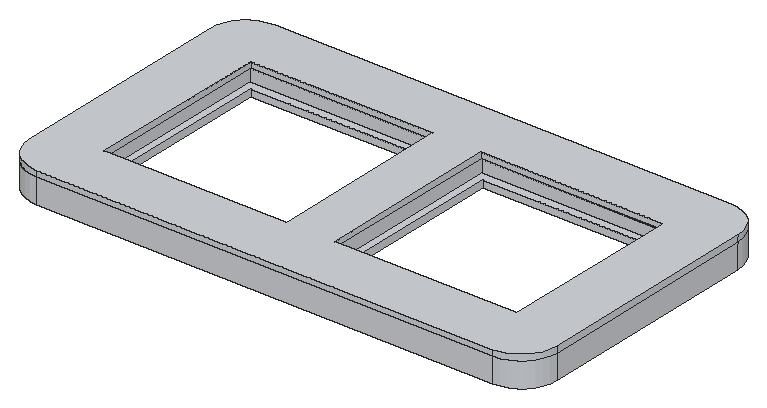
Revit family "Gira_0212427", category Electrical Fixtures, host Face, Revit 2017
Family settings
  Host = Face
  Maintain Annotation Orientation = No
  Round Connector Dimension = Use Diameter
  Part Type = Normal
  Cut with Voids When Loaded = No
  Shared = No
  Room Calculation Point = No
Parameters (values of type "Cov.fr. 2-g Gira E3 sand/anthra.")
  URL = "http://katalog.gira.de/en/datenblatt.html?artikelnr=0212427"
  Transparent = "No"
  Name = "Cov.fr. 2-g Gira E3 sand/anthra."
  Manufacturer URL = "https://www.gira.de/"
  Manufacturer = "Gira"
  Keynote = ""
  HeinzeBIM = "https://bimportal.heinze.de/bim/cov-fr-2-g-gira-e3-sand-anthra-/8fce7f568b49db9c642cf861f2779581520800b2"
  HAN = "0212427"
  GTIN = "4010337024583"
  Description = "Cov.fr.2g E3 SdAn,Gira E3 cover frame,sand soft touch with anthracite intermediate frame,2-gang,Features:,- Shatter-proof.,,Notes :,- NCS value: approx. NCS S 2005-Y20R"
  Default Elevation = 1219.2 mm
  Data sheet (1) = "https://katalog.gira.de/en/download.html?artikelnr=0212427"
  Category = "Cover frame for domestic switching devices"
  BIM (1) = "https://media.stage.bim.site/public/gira/36a6b08/E3_Rahmen_2fach.rfa"
  Available = "No"
Reference planes
  plane 1 "Center (Front/Back)": y = 0
  plane 2: z = 0
  plane 3 "Center (Left/Right)": x = 0
Forms (mm)
  Extrusion 1, solid, detail levels fine
    sketch origin (0, 0, 0) x (1, 0, 0) y (0, 1, 0)
      loop
        arc (-70.35, 45.809) -> (-78.134, 42.585) -> (-81.359, 34.8) r 11.009
        line (-81.359, 34.8) -> (-81.359, -34.8)
        arc (-81.359, -34.8) -> (-78.134, -42.585) -> (-70.35, -45.809) r 11.009
        line (-70.35, -45.809) -> (70.35, -45.809)
        arc (70.35, -45.809) -> (78.135, -42.585) -> (81.359, -34.8) r 11.009
        line (81.359, -34.8) -> (81.359, 34.8)
        arc (81.359, 34.8) -> (78.135, 42.585) -> (70.35, 45.809) r 11.009
        line (70.35, 45.809) -> (-70.35, 45.809)
      loop
        line (-7.45, 28.187) -> (-63.706, 28.187) -> (-63.706, -28.187) -> (-7.45, -28.187) -> (-7.45, 28.187)
      loop
        line (7.45, 28.187) -> (7.45, -28.187) -> (63.706, -28.187) -> (63.706, 28.187) -> (7.45, 28.187)
    from 7.65 to 9.5
  Extrusion 2, solid, detail levels fine
    sketch origin (-35.75, 0, 0) x (1, 0, 0) y (0, 1, 0)
      loop
        line (25.7, 25.7) -> (-25.7, 25.7) -> (-25.7, -25.7) -> (25.7, -25.7) -> (25.7, 25.7)
      loop
        line (-28.187, -28.156) -> (28.187, -28.156) -> (28.187, 28.156) -> (-28.187, 28.156) -> (-28.187, -28.156)
    from 1.65 to 3.9
  Extrusion 3, solid, detail levels fine
    sketch origin (0, 0, 0) x (1, 0, 0) y (0, 1, 0)
      loop
        arc (-70.35, 45.809) -> (-78.134, 42.585) -> (-81.359, 34.8) r 11.009
        line (-81.359, 34.8) -> (-81.359, -34.8)
        arc (-81.359, -34.8) -> (-78.134, -42.585) -> (-70.35, -45.809) r 11.009
        line (-70.35, -45.809) -> (70.35, -45.809)
        arc (70.35, -45.809) -> (78.135, -42.585) -> (81.359, -34.8) r 11.009
        line (81.359, -34.8) -> (81.359, 34.8)
        arc (81.359, 34.8) -> (78.135, 42.585) -> (70.35, 45.809) r 11.009
        line (70.35, 45.809) -> (-70.35, 45.809)
      loop
        line (-79.393, 34.785) -> (-79.393, -34.785)
        arc (-79.393, -34.785) -> (-76.739, -41.19) -> (-70.334, -43.843) r 9.058
        line (-70.334, -43.843) -> (70.335, -43.843)
        arc (70.335, -43.843) -> (76.74, -41.19) -> (79.393, -34.785) r 9.058
        line (79.393, -34.785) -> (79.393, 34.785)
        arc (79.393, 34.785) -> (76.74, 41.19) -> (70.335, 43.843) r 9.058
        line (70.335, 43.843) -> (-70.334, 43.843)
        arc (-70.334, 43.843) -> (-76.739, 41.19) -> (-79.393, 34.785) r 9.058
    from 0 to 7.65
  Extrusion 4, solid, detail levels fine
    sketch origin (0, 0, 0) x (1, 0, 0) y (0, 1, 0)
      loop
        line (-62.956, -31.075) -> (62.956, -31.075)
        arc (62.956, -31.075) -> (65.599, -29.98) -> (66.694, -27.337) r 3.739
        line (66.694, -27.337) -> (66.694, 27.337)
        arc (66.694, 27.337) -> (65.599, 29.98) -> (62.956, 31.075) r 3.739
        line (62.956, 31.075) -> (-62.956, 31.075)
        arc (-62.956, 31.075) -> (-65.599, 29.98) -> (-66.694, 27.337) r 3.739
        line (-66.694, 27.337) -> (-66.694, -27.337)
        arc (-66.694, -27.337) -> (-65.599, -29.98) -> (-62.956, -31.075) r 3.739
      loop
        line (-65.544, 27.537) -> (-65.544, -27.537)
        arc (-65.544, -27.537) -> (-64.845, -29.226) -> (-63.156, -29.925) r 2.389
        line (-63.156, -29.925) -> (63.156, -29.925)
        arc (63.156, -29.925) -> (64.845, -29.226) -> (65.544, -27.537) r 2.389
        line (65.544, -27.537) -> (65.544, 27.537)
        arc (65.544, 27.537) -> (64.845, 29.226) -> (63.156, 29.925) r 2.389
        line (63.156, 29.925) -> (-63.156, 29.925)
        arc (-63.156, 29.925) -> (-64.845, 29.226) -> (-65.544, 27.537) r 2.389
    from 1.65 to 7.65
  Extrusion 5, solid, detail levels fine
    sketch origin (0, 0, 0) x (1, 0, 0) y (0, 1, 0)
      loop
        line (-67.617, -39.8) -> (67.617, -39.8)
        arc (67.617, -39.8) -> (73.232, -36.708) -> (75.464, -30.7) r 9.2
        line (75.464, -30.7) -> (75.464, 30.7)
        arc (75.464, 30.7) -> (72.77, 37.205) -> (66.264, 39.9) r 9.2
        line (66.264, 39.9) -> (-66.264, 39.9)
        arc (-66.264, 39.9) -> (-72.77, 37.205) -> (-75.464, 30.7) r 9.2
        line (-75.464, 30.7) -> (-75.464, -30.7)
        arc (-75.464, -30.7) -> (-73.232, -36.708) -> (-67.617, -39.8) r 9.2
      loop
        line (-66.264, -31.7) -> (66.264, -31.7)
        arc (66.264, -31.7) -> (66.972, -31.407) -> (67.264, -30.7) r 1
        line (67.264, -30.7) -> (67.264, 30.7)
        arc (67.264, 30.7) -> (66.972, 31.407) -> (66.264, 31.7) r 1
        line (66.264, 31.7) -> (-66.264, 31.7)
        arc (-66.264, 31.7) -> (-66.972, 31.407) -> (-67.264, 30.7) r 1
        line (-67.264, 30.7) -> (-67.264, -30.7)
        arc (-67.264, -30.7) -> (-66.972, -31.407) -> (-66.264, -31.7) r 1
    from 1.65 to 3.9
  Extrusion 6, solid, detail levels fine
    sketch origin (-35.75, 0, 0) x (1, 0, 0) y (0, 1, 0)
      loop
        line (-28.187, 28.156) -> (-28.187, -28.156) -> (28.187, -28.156) -> (28.187, 28.156) -> (-28.187, 28.156)
      loop
        line (-29.925, 29.925) -> (-29.925, -29.925) -> (29.925, -29.925) -> (29.925, 29.925) -> (-29.925, 29.925)
    from 1.65 to 7.65
  Extrusion 7, solid, detail levels coarse+medium
    sketch origin (0, 0, 0) x (1, 0, 0) y (0, 1, 0)
      loop
        line (-81.359, 45.809) -> (-81.359, -45.809) -> (81.359, -45.809) -> (81.359, 45.809) -> (-81.359, 45.809)
    from 0 to 9.5
  Extrusion 8, solid, detail levels fine
    sketch origin (35.75, 0, 0) x (-1, 0, 0) y (0, -1, 0)
      loop
        line (25.7, -25.7) -> (25.7, 25.7) -> (-25.7, 25.7) -> (-25.7, -25.7) -> (25.7, -25.7)
      loop
        line (-28.187, 28.156) -> (-28.187, -28.156) -> (28.187, -28.156) -> (28.187, 28.156) -> (-28.187, 28.156)
    from 1.65 to 3.9
  Extrusion 9, solid, detail levels fine
    sketch origin (35.75, 0, 0) x (-1, 0, 0) y (0, -1, 0)
      loop
        line (-28.187, -28.156) -> (28.187, -28.156) -> (28.187, 28.156) -> (-28.187, 28.156) -> (-28.187, -28.156)
      loop
        line (-29.925, -29.925) -> (29.925, -29.925) -> (29.925, 29.925) -> (-29.925, 29.925) -> (-29.925, -29.925)
    from 1.65 to 7.65
Dimensions and locks
  aligned and locked: plane 2 to host face
  aligned and locked: level to host face
